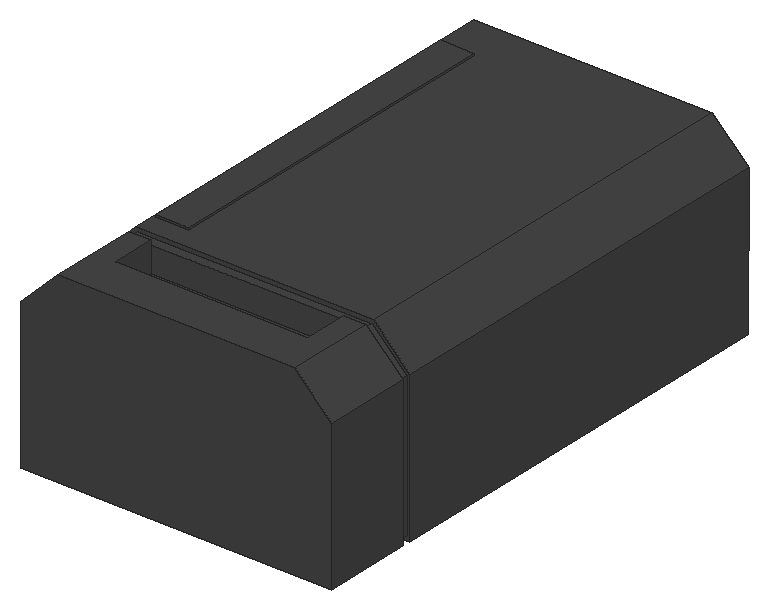
Revit family "SP4182_EUR_SDU2_Revit", category Mechanical Equipment, Revit 2014
Parameters (values of type "Standard")
  d83 = 0' - 0"
  d74 = 0' - 0"
  d70 = 0' - 0"
  d68 = 0' - 0"
  d65 = 0' - 0"
  d60 = 0' - 0"
  URL = "www.neptronic.com"
  Part Number = "SP4182_SDU_Revit"
  Model = "SKE10 & SDU2, SKE20 & SDU2"
  Manufacturer = "Neptronic"
  Extrusion_End_2 = -d74  # 0' - 0"
  Extrusion_End_1 = -d60  # 0' - 0"
  Designer = "Antoine"
  Design Status = 1
  Description = "Electic Resistive Humidifier with Steam Distribution Unit"
  Date Created = "2014-08-06 15:51:08"
  Connector_8_Width = 0' - 0"
  Connector_8_Height = 0' - 0"
  Connector_5_Diameter = 0' - 0"
  Connector_4_Diameter = 0' - 0"
  Connector_3_Diameter = 0' - 0"
  Author = "Antoine"
Reference planes (in)
  plane 1 "Center (Front/Back)": y = 0
  plane 2: z = 0
  plane 3 "Center (Left/Right)": x = 0
  plane 4: y = -25.561
Forms (in)
  Sweep 1, solid
    path in 3D
      loop
        line (-10.5003, 2.939, 3.75715) -> (-10.5003, -25.561, 3.75715)
    profile origin (-10.5003, -25.561, 3.75715) x (0, 0, -1) y (1, 0, 0)
      loop
        line (0, 0) -> (10.00715, 0) -> (10.00715, 21.0003) -> (-0.04232, 21.0003) -> (-2.51382, 18.5288) -> (-2.51382, 2.51382) -> (0, 0)
  Extrusion 2, void
    sketch origin (-10.5003, 2.939, 3.75715) x (0, 0, 1) y (1, 0, 0)
      loop
        circle (-8.25715, 9.0003) r 0.25
      loop
        circle (-8.25715, 7.2503) r 0.375
      loop
        circle (-4.75715, 2.5003) r 0.4375
      loop
        circle (-1.75715, 2.5003) r 0.4375
    from 0 to -0.25
  Extrusion 3, solid
    sketch origin (-10.5003, 2.939, 3.75715) x (0, 0, 1) y (1, 0, 0)
      loop
        circle (-0.25715, 16.8753) r 0.375
    from 0 to 0.25
  Extrusion 4, solid
    sketch origin (-10.5003, -25.561, 3.75715) x (1, 0, 0) y (0, 0, 1)
      loop
        line (2.61738, 2.26382) -> (0.25, -0.10355) -> (0.25, -9.75715) -> (20.7503, -9.75715) -> (20.7503, -0.06123) -> (18.42524, 2.26382) -> (2.61738, 2.26382)
    from 0 to 0.625
  Extrusion 5, solid
    sketch origin (-7.88292, -26.186, 6.02097) x (-1, 0, 0) y (0, 0, -1)
      loop
        line (2.61738, 2.26382) -> (2.61738, 12.27097) -> (-18.38292, 12.27097) -> (-18.38292, 2.2215) -> (-15.91142, -0.25) -> (0.10355, -0.25) -> (2.61738, 2.26382)
    from 0 to 6
  Extrusion 6, void
    sketch origin (8.0285, -32.186, 6.27097) x (0, 1, 0) y (-1, 0, 0)
      loop
        line (6, 14.50749) -> (3, 14.50749) -> (3, 1.50749) -> (6, 1.50749) -> (6, 14.50749)
    from 0 to -2
  Extrusion 7, solid
    sketch origin (-7.98648, 2.939, 6.27097) x (0, -1, 0) y (1, 0, 0)
      loop
        line (3, 2.375) -> (3, 0.125) -> (27, 0.125) -> (27, 2.375) -> (3, 2.375)
    from 0 to 0.125
Cuts and joins
  Extrusion 2, Extrusion 6 cuts Sweep 1
  Extrusion 6 cuts Extrusion 3
  Extrusion 6 cuts Extrusion 4
  Extrusion 6 cuts Extrusion 5
  joined: Sweep 1, Extrusion 3, Extrusion 4, Extrusion 5, Extrusion 7
Lines and regions (in)
  reference lines
    curve 1: line (-10.5003, -25.561, 3.75715) -> (-10.5003, -25.561, -6.25)
    curve 2: line (-10.5003, -25.561, -6.25) -> (10.5, -25.561, -6.25)
    curve 3: line (10.5, -25.561, -6.25) -> (10.5, -25.561, 3.79947)
    curve 4: line (10.5, -25.561, 3.79947) -> (8.0285, -25.561, 6.27097)
    curve 5: line (8.0285, -25.561, 6.27097) -> (-7.98648, -25.561, 6.27097)
    curve 6: line (-7.98648, -25.561, 6.27097) -> (-10.5003, -25.561, 3.75715)
    curve 7: line (-10.5003, 2.939, 3.75715) -> (-10.5003, -25.561, 3.75715)
    curve 8: line (-10.5003, 2.939, 3.75715) -> (-10.5003, -25.561, 3.75715)
    curve 10: circle (-1.5, 2.939, -4.5) r 0.25 normal (0, 1, 0)
    curve 11: circle (-3.25, 2.939, -4.5) r 0.375 normal (0, 1, 0)
    curve 12: circle (-8, 2.939, -1) r 0.4375 normal (0, 1, 0)
    curve 13: circle (-8, 2.939, 2) r 0.4375 normal (0, 1, 0)
    curve 14: circle (6.375, 2.939, 3.5) r 0.375 normal (0, 1, 0)
    curve 15: line (-7.88292, -25.561, 6.02097) -> (7.92494, -25.561, 6.02097)
    curve 16: line (7.92494, -25.561, 6.02097) -> (10.25, -25.561, 3.69592)
    curve 17: line (10.25, -25.561, 3.69592) -> (10.25, -25.561, -6)
    curve 18: line (10.25, -25.561, -6) -> (-10.2503, -25.561, -6)
    curve 19: line (-10.2503, -25.561, -6) -> (-10.2503, -25.561, 3.6536)
    curve 20: line (-10.2503, -25.561, 3.6536) -> (-7.88292, -25.561, 6.02097)
    curve 21: line (-10.5003, -26.186, 3.75715) -> (-10.5003, -26.186, -6.25)
    curve 22: line (-10.5003, -26.186, -6.25) -> (10.5, -26.186, -6.25)
    curve 23: line (10.5, -26.186, -6.25) -> (10.5, -26.186, 3.79947)
    curve 24: line (10.5, -26.186, 3.79947) -> (8.0285, -26.186, 6.27097)
    curve 25: line (8.0285, -26.186, 6.27097) -> (-7.98648, -26.186, 6.27097)
    curve 26: line (-7.98648, -26.186, 6.27097) -> (-10.5003, -26.186, 3.75715)
    curve 27: line (-6.47899, -29.186, 6.27097) -> (-6.47899, -26.186, 6.27097)
    curve 28: line (6.52101, -29.186, 6.27097) -> (-6.47899, -29.186, 6.27097)
    curve 29: line (6.52101, -26.186, 6.27097) -> (6.52101, -29.186, 6.27097)
    curve 30: line (-6.47899, -26.186, 6.27097) -> (6.52101, -26.186, 6.27097)
    curve 31: line (-5.61148, -0.061, 6.27097) -> (-7.86148, -0.061, 6.27097)
    curve 32: line (-7.86148, -24.061, 6.27097) -> (-7.86148, -0.061, 6.27097)
    curve 33: line (-5.61148, -24.061, 6.27097) -> (-7.86148, -24.061, 6.27097)
    curve 34: line (-5.61148, -0.061, 6.27097) -> (-5.61148, -24.061, 6.27097)
  sketch lines
    curve 9: line (-10.5003, 2.939, 3.75715) -> (-10.5003, -25.561, 3.75715)
Dimensions and locks (in)
  aligned and locked: plane 2 to level
  aligned and locked: Sweep 1 sketch curve to curve 1
  aligned and locked: Sweep 1 sketch curve to curve 2
  aligned and locked: Sweep 1 sketch curve to curve 3
  aligned and locked: Sweep 1 sketch curve to curve 4
  aligned and locked: Sweep 1 sketch curve to curve 5
  aligned and locked: Sweep 1 sketch curve to curve 6
  aligned and locked: curve 9 to curve 7
  aligned and locked: Extrusion 2 sketch curve to curve 10  (x2)
  aligned and locked: Extrusion 2 sketch curve to curve 11  (x2)
  aligned and locked: Extrusion 2 sketch curve to curve 12  (x2)
  aligned and locked: Extrusion 2 sketch curve to curve 13  (x2)
  aligned and locked: Extrusion 3 sketch curve to curve 14  (x2)
  aligned and locked: Extrusion 4 sketch curve to curve 15
  aligned and locked: Extrusion 4 sketch curve to curve 16
  aligned and locked: Extrusion 4 sketch curve to curve 17
  aligned and locked: Extrusion 4 sketch curve to curve 18
  aligned and locked: Extrusion 4 sketch curve to curve 19
  aligned and locked: Extrusion 4 sketch curve to curve 20
  aligned and locked: Extrusion 5 sketch curve to curve 21
  aligned and locked: Extrusion 5 sketch curve to curve 22
  aligned and locked: Extrusion 5 sketch curve to curve 23
  aligned and locked: Extrusion 5 sketch curve to curve 24
  aligned and locked: Extrusion 5 sketch curve to curve 25
  aligned and locked: Extrusion 5 sketch curve to curve 26
  aligned and locked: Extrusion 6 sketch curve to curve 27
  aligned and locked: Extrusion 6 sketch curve to curve 28
  aligned and locked: Extrusion 6 sketch curve to curve 29
  aligned and locked: Extrusion 6 sketch curve to curve 30
  aligned and locked: Extrusion 7 sketch curve to curve 31
  aligned and locked: Extrusion 7 sketch curve to curve 32
  aligned and locked: Extrusion 7 sketch curve to curve 33
  aligned and locked: Extrusion 7 sketch curve to curve 34
Connectors (in)
  piping at (6.375, 3.189, 3.5), driven by "Connector_3_Diameter"
    settings: on cut or joined group of Sweep 1, Extrusion 2, Extrusion 3, Extrusion 4, Extrusion 5, Extrusion 6, Extrusion 7, index 1, connector diameter 0", connector inside diameter 24", connector length 0' - 0", flow factor 0, pipe flow 0 GPM, pressure drop 0.00 psi, fitting loss kfactor 0, connector angle 0.00°, fixture units 0, engagement length 0' - 0", angle of deflection 0.00°, flow configuration 1, flow direction 1, fitting loss method 0, system type 20, joint type 0, gender type 0, connector reference index -1, connector utility 0, adjustable connector no, is connector primary yes, connector description "Water inlet 3/4'' G"
  piping at (-1.5, 2.939, -4.5), driven by "Connector_4_Diameter"
    settings: on cut or joined group of Sweep 1, Extrusion 2, Extrusion 3, Extrusion 4, Extrusion 5, Extrusion 6, Extrusion 7, index 2, connector diameter 0", connector inside diameter 24", connector length 0' - 0", flow factor 0, pipe flow 0 GPM, pressure drop 0.00 psi, fitting loss kfactor 0, connector angle 0.00°, fixture units 0, engagement length 0' - 0", angle of deflection 0.00°, flow configuration 1, flow direction 2, fitting loss method 0, system type 16, joint type 0, gender type 0, connector reference index -1, connector utility 0, adjustable connector no, is connector primary no, connector description "Pan drip drain outlet 1/2''"
  piping at (-3.25, 2.939, -4.5), driven by "Connector_5_Diameter"
    settings: on cut or joined group of Sweep 1, Extrusion 2, Extrusion 3, Extrusion 4, Extrusion 5, Extrusion 6, Extrusion 7, index 3, connector diameter 0", connector inside diameter 24", connector length 0' - 0", flow factor 0, pipe flow 0 GPM, pressure drop 0.00 psi, fitting loss kfactor 0, connector angle 0.00°, fixture units 0, engagement length 0' - 0", angle of deflection 0.00°, flow configuration 1, flow direction 2, fitting loss method 0, system type 16, joint type 0, gender type 0, connector reference index -1, connector utility 0, adjustable connector no, is connector primary no, connector description "Main drain outlet 3/4''"
  electrical at (-8, 2.939, -1)
    settings: on cut or joined group of Sweep 1, Extrusion 2, Extrusion 3, Extrusion 4, Extrusion 5, Extrusion 6, Extrusion 7, index 4, voltage 0 V, apparent load 0 VA, apparent load phase1 0 VA, apparent load phase2 0 VA, apparent load phase3 0 VA, power factor 1, load classification "Other", number of poles 1, system type 13, power factor state 1, is connector primary yes, connector utility no, sub classification motor no, connector description "Low voltage control inlet (KO)"
  electrical at (-8, 2.939, 2)
    settings: on cut or joined group of Sweep 1, Extrusion 2, Extrusion 3, Extrusion 4, Extrusion 5, Extrusion 6, Extrusion 7, index 5, voltage 0 V, apparent load 0 VA, apparent load phase1 0 VA, apparent load phase2 0 VA, apparent load phase3 0 VA, power factor 0, load classification "Other", number of poles 1, system type 30, power factor state 1, is connector primary no, connector utility no, sub classification motor no, connector description "Power supply inlet (KO)"
  hvac at (0.02101, -27.686, 4.27097), driven by "Connector_8_Height", driven by "Connector_8_Width"
    settings: on cut or joined group of Sweep 1, Extrusion 2, Extrusion 3, Extrusion 4, Extrusion 5, Extrusion 6, Extrusion 7, index 6, duct flow 0 CFM, flow factor 0, pres drop 0.00 in-wg, loss coef 0, conn angle 0.00°, conn width 0", conn height 0", conn diameter 24", duct sys type 1, conn prof type 1, flow config 1, flow direction 2, loss method 0, conn ref index -1, conn util no, is conn primary yes, conn desc "Steam & Air distribution"
